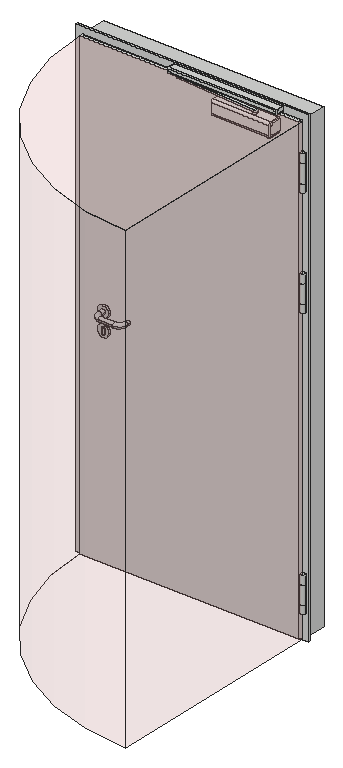
Revit family "ASSA ABLOY - ALPE Sp 120-1, single-leaf, angular frame", category Doors, host Wall, Revit 2021
Family settings
  Host = Wall
  OmniClass Number = 23.30.10.00
  OmniClass Title = Doors
  Always vertical = Yes
  Cut with Voids When Loaded = No
  Shared = No
  Room Calculation Point = No
Parameters (values of type "900 x 2100 (902 x 2101)")
  URL = "https://www.assaabloy.com/pl/pl"
  Type Comments = "Door leaf made of two pressed galvanised steel sheets 1,25mm thick. Filled with mineral wool glued to the sheets with polyurethane adhesive. Door with 3-sided thick rebate. "
  Symbol Radius = Door Leaf Width + 13.500 mm  # 1027.500 mm
  Rough Width Real = Width Round + Rough Width Conversion + Rough Width Adjustment  # 1018.000 mm
  Rough Width Conversion = 118.000 mm  # constant formula
  Rough Width Adjustment = 0.000 mm  # constant formula
  Rough Height Real = Height Round + Rough Height Conversion + Rough Height Adjustment  # 2159.000 mm
  Rough Height Conversion = 59.000 mm  # constant formula
  Rough Height Adjustment = 0.000 mm  # constant formula
  Opening Zone [instance] = yes
  Model = "Doorset_Steel fireproof door EI120_ASSA ABLOY Opening Solutions_Hardware 3D"
  Hinges Visibility = Height > 1200.000 mm  # yes
  Hinges Material = Default steel hinges
  Handle Height = if(Height < 1300.000 mm, Height - 280.000 mm, 1055.000 mm)  # 1055.000 mm
  HW Item 9 = "1x Planet FT: drop-down seal_Planet (option)"
  HW Item 8 = "1x 206253: Vercy door stopper, max 120 kg_ASSA ABLOY (option) "
  Frame Finish [instance] = ""
  Fire Rating = "EI120"  # constant formula
  Width Round = roundup((Width / 5.000 mm)) * 5.000 mm  # 900.000 mm
  Thickness = 76.000 mm  # constant formula
  Smoke Rating = "Sa, S200 (optional)"
  Rough Width = Width Round + 2.000 mm + Rough Width Conversion + Rough Width Adjustment  # 1020.000 mm
  Rough Height = Height Round + 1.000 mm + Rough Height Conversion + Rough Height Adjustment  # 2160.000 mm
  Readme = "The actual lintel height is consistent with the Rough Height parameter.\nThe final HW Set should be consistent with the function of the door and its  parameters.\nHardware mounted on door surface may affect the clear passage opening. For verification, please contact the specification department.\nFor the corner door frame installed in a steel structure and plasterboard walls, add 3 cm per each leaf to the width of the Rough Width opening."
  Provider = "ASSA ABLOY Opening Solutions"
  Product Group = "Single-Steel"
  Name = "Steel fireproof door EI120"
  Min Door Width = 540.000 mm
  Min Door Height = 585.000 mm
  Mechanical Strength = 4
  Max Door Width = 1200.000 mm
  Max Door Height = 2690.000 mm
  Manufacturer = "ASSA ABLOY"  # constant formula
  IfcExportType = "USERDEFINED"
  IfcExportAs = "IfcDoorType"
  Height Round = roundup((Height / 5.000 mm)) * 5.000 mm  # 2100.000 mm
  Hardware Set = "1.9PL"
  HW Item 7 = "1x Rosette set PZPZ_Standard ASSA ABLOY"
  HW Item 6 = "1x Handle set_Standard ASSA ABLOY"
  HW Item 5 = "1x Euro profile cylinder_Standard ASSA ABLOY"
  HW Item 4 = "1x N1050: One System mechanical mortice lockcase for fire doors_ASSA ABLOY"
  HW Item 3 = "1x A153: mechanical opening damper_ASSA ABLOY (option)"
  HW Item 2 = "1x G195: door closer guide rail_ASSA ABLOY"
  HW Item 1 = "1x DC700/ DC500: door closer, Cam-Motion®_ASSA ABLOY"
  Function = Interior
  Height = 2100.000 mm
  Wall Closure = By host
  Width = 900.000 mm
  Frame Type = "Welded steel corner frame, made of galvanised sheet 1,8mm thick."
  Frame Material = Default steel frame
  Family name = "1.9_DOORSET_ALPE Sp 120-1_SINGLE-LEAF_CORNER FRAME_ASSA ABLOY PL"
  Environmental Product Declaration (EPD) = "To be confirmed with Provider"  # constant formula
  Environmental Management System = "To be confirmed with Provider"  # constant formula
  Edition number = "1"
  Door Type = "ALPE Sp 120-1"
  Door Material = Default steel
  Door Leaf Width = Width Round + 114.000 mm + Rough Width Adjustment  # 1014.000 mm
  Door Finish Push Side [instance] = ""
  Door Finish Pull Side [instance] = ""
  Description = "ALPE Sp 120-1, door leaf made of two pressed galvanised steel sheets 1,25mm thick. Filled with mineral wool glued to the sheets with polyurethane adhesive. Door with 3-sided thick rebate. Stainless steel hinges with 3D regulation. Mechanical durability – class C5 according to PN-EN 16034:2014. Mechanical strength – class 4 according to PN-EN 1192:2001. Welded steel corner frame, made of galvanised sheet 1,8mm thick."
  Define Thermal Properties by = Schematic Type
  Date of publishing = ""
  Contact Provider = "https://www.assaabloy.com/pl/pl/solutions/topics/bim-specification/contact"
  Brand = "ASSA ABLOY Mercor Doors Sp. z o. o."  # constant formula
  Author = "www.archispace.pl"
  Analytic Construction = "<None>"
Types (6, lengths in mm): name | Symbol Radius | Rough Width Real | Rough Height Real | Hinges Visibility | Hinges Material | Handle Height | Width Round | Rough Width | Rough Height | Height Round | Height | Width | Frame Material | Door Leaf Width
  540 x 585 (542 x 586) | 667.500 | 658.000 | 644.000 | no | Default steel | 305.000 | 540.000 | 660.000 | 645.000 | 585.000 | 585.000 | 540.000 | Default steel | 654.000
  800 x 2100 (802 x 2101) | 927.500 | 918.000 | 2159.000 | yes | Default steel | 1055.000 | 800.000 | 920.000 | 2160.000 | 2100.000 | 2100.000 | 800.000 | Default steel | 914.000
  900 x 2100 (902 x 2101) | 1027.500 | 1018.000 | 2159.000 | yes | Default steel hinges | 1055.000 | 900.000 | 1020.000 | 2160.000 | 2100.000 | 2100.000 | 900.000 | Default steel frame | 1014.000
  1000 x 2100 (1002 x 2101) | 1127.500 | 1118.000 | 2159.000 | yes | Default steel | 1055.000 | 1000.000 | 1120.000 | 2160.000 | 2100.000 | 2100.000 | 1000.000 | Default steel | 1114.000
  1100 x 2100 (1102 x 2101) | 1227.500 | 1218.000 | 2159.000 | yes | Default steel | 1055.000 | 1100.000 | 1220.000 | 2160.000 | 2100.000 | 2100.000 | 1100.000 | Default steel | 1214.000
  1200 x 2690 (1202 x 2691) | 1327.500 | 1318.000 | 2749.000 | yes | Default steel | 1055.000 | 1200.000 | 1320.000 | 2750.000 | 2690.000 | 2690.000 | 1200.000 | Default steel | 1314.000
Reference planes
  plane 1: y = 0
  plane 2 "Center (Left/Right)": x = 0
  plane 3: z = 2160
  plane 4 "Exterior": y = 120
  plane 5 "Interior": y = -120
  plane 6: x = -509
  plane 7: x = 509
  plane 8: z = 2100
  plane 9: y = -57
  plane 10: y = -68
  plane 11: y = -5.5
  plane 12: y = -2
  plane 13: y = -129
  plane 14: x = -490
  plane 15: x = 492
  plane 16: z = 2142
  plane 17: z = 8
  plane 18: y = -138.75
  plane 19: x = 521.5
  plane 20: x = -510
  plane 21: x = 510
  plane 22: x = -450
  plane 23: x = 450
  plane 24: z = 2159
  plane 25: x = -393
  plane 26: z = 120
  plane 27: z = 157
  plane 28: z = 157.8
  plane 29: z = 242.2
  plane 30: z = 243
  plane 31: z = 280
  plane 32: z = 1370
  plane 33: z = 1407
  plane 34: z = 1407.8
  plane 35: z = 1492.2
  plane 36: z = 1493
  plane 37: z = 1530
  plane 38: z = 1870
  plane 39: z = 1907
  plane 40: z = 1907.8
  plane 41: z = 1992.2
  plane 42: z = 1993
  plane 43: z = 2030
  plane 44: z = 1055
Forms (mm)
  Sweep 1, solid, material "Default steel frame" <- "Frame Material"
    path origin (0, -120, 0) x (1, 0, 0) y (0, 0, 1)
      loop
        line (-509, 0) -> (-509, 2159) -> (509, 2159) -> (509, 0)
    profile origin (-509, -120, 1079.5) x (-1, 0, 0) y (0, -1, 0)
      loop
        line (30, 0) -> (30, 9) -> (-12, 9) -> (-12, -63) -> (-27, -63) -> (-27, -52) -> (-59, -52) -> (-59, -118) -> (-14, -118) -> (-14, -114.5) -> (0, -114.5) -> (0, 0) -> (30, 0)
  Sweep 2, solid, material "Default steel" <- "Door Material"
    path origin (-5000, -120, 0) x (1, 0, 0) y (0, 0, 1)
      loop
        line (4510, 8) -> (4510, 2142) -> (5492, 2142) -> (5492, 8)
    profile origin (1, -120, 2142) x (0, 0, 1) y (0, -1, 0)
      loop
        line (0, 11) -> (16, 11) -> (16, 26) -> (0, 26) -> (0, 11)
  Sweep 3, solid, material "Default steel" <- "Door Material"
    path origin (-5000, -120, 0) x (1, 0, 0) y (0, 0, 1)
      loop
        line (5000, 8) -> (5000, 2142)
    profile origin (0, -120, 1075) x (-1, 0, 0) y (0, -1, 0)
      loop
        line (490, -50) -> (490, 26) -> (-492, 26) -> (-492, -50) -> (490, -50)
  Sweep 4, solid, material "Default steel hinges" <- "Hinges Material", detail levels fine
    path origin (-465.5, -138.75, 1200) x (-1, 0, 0) y (0, 0, 1)
      loop
        line (-987, -1043) -> (-987, -1080)
    profile origin (521.5, -138.75, 138.5) x (0, 1, 0) y (-1, 0, 0)
      loop
        circle (0, 0) r 11
  Sweep 5, solid, material "Default steel hinges" <- "Hinges Material", detail levels fine
    path origin (-465.5, -138.75, 1200) x (-1, 0, 0) y (0, 0, 1)
      loop
        line (-987, -920) -> (-987, -957)
    profile origin (521.5, -138.75, 261.5) x (0, 1, 0) y (-1, 0, 0)
      loop
        circle (0, 0) r 11
  Sweep 6, solid, material "Default steel hinges" <- "Hinges Material", detail levels fine
    path origin (-465.5, -138.75, 1200) x (-1, 0, 0) y (0, 0, 1)
      loop
        line (-987, -957.8) -> (-987, -1042.2)
    profile origin (521.5, -138.75, 200) x (0, 1, 0) y (-1, 0, 0)
      loop
        circle (0, 0) r 11
  Sweep 7, solid, material "Default steel hinges" <- "Hinges Material", detail levels fine
    path origin (-465.5, -138.75, 1200) x (-1, 0, 0) y (0, 0, 1)
      loop
        line (-987, -1042.2) -> (-987, -1043)
    profile origin (521.5, -138.75, 157.4) x (0, 1, 0) y (-1, 0, 0)
      loop
        circle (0, 0) r 10.5
  Sweep 8, solid, material "Default steel hinges" <- "Hinges Material", detail levels fine
    path origin (-465.5, -138.75, 1200) x (-1, 0, 0) y (0, 0, 1)
      loop
        line (-987, -957) -> (-987, -957.8)
    profile origin (521.5, -138.75, 242.6) x (0, 1, 0) y (-1, 0, 0)
      loop
        circle (0, 0) r 10.5
  Sweep 9, solid, material "Default steel hinges" <- "Hinges Material", visible <- "Hinges Visibility", detail levels fine
    path origin (-465.5, -138.75, 1200) x (-1, 0, 0) y (0, 0, 1)
      loop
        line (-987, 207) -> (-987, 170)
    profile origin (521.5, -138.75, 1388.5) x (0, 1, 0) y (-1, 0, 0)
      loop
        circle (0, 0) r 11
  Sweep 10, solid, material "Default steel hinges" <- "Hinges Material", visible <- "Hinges Visibility", detail levels fine
    path origin (-465.5, -138.75, 1200) x (-1, 0, 0) y (0, 0, 1)
      loop
        line (-987, 330) -> (-987, 293)
    profile origin (521.5, -138.75, 1511.5) x (0, 1, 0) y (-1, 0, 0)
      loop
        circle (0, 0) r 11
  Sweep 11, solid, material "Default steel hinges" <- "Hinges Material", visible <- "Hinges Visibility", detail levels fine
    path origin (-465.5, -138.75, 1200) x (-1, 0, 0) y (0, 0, 1)
      loop
        line (-987, 292.2) -> (-987, 207.8)
    profile origin (521.5, -138.75, 1450) x (0, 1, 0) y (-1, 0, 0)
      loop
        circle (0, 0) r 11
  Sweep 12, solid, material "Default steel hinges" <- "Hinges Material", visible <- "Hinges Visibility", detail levels fine
    path origin (-465.5, -138.75, 1200) x (-1, 0, 0) y (0, 0, 1)
      loop
        line (-987, 207.8) -> (-987, 207)
    profile origin (521.5, -138.75, 1407.4) x (0, 1, 0) y (-1, 0, 0)
      loop
        circle (0, 0) r 10.5
  Sweep 13, solid, material "Default steel hinges" <- "Hinges Material", visible <- "Hinges Visibility", detail levels fine
    path origin (-465.5, -138.75, 1200) x (-1, 0, 0) y (0, 0, 1)
      loop
        line (-987, 293) -> (-987, 292.2)
    profile origin (521.5, -138.75, 1492.6) x (0, 1, 0) y (-1, 0, 0)
      loop
        circle (0, 0) r 10.5
  Sweep 14, solid, material "Default steel hinges" <- "Hinges Material", detail levels fine
    path origin (-465.5, -138.75, 1200) x (-1, 0, 0) y (0, 0, 1)
      loop
        line (-987, 707) -> (-987, 670)
    profile origin (521.5, -138.75, 1888.5) x (0, 1, 0) y (-1, 0, 0)
      loop
        circle (0, 0) r 11
  Sweep 15, solid, material "Default steel hinges" <- "Hinges Material", detail levels fine
    path origin (-465.5, -138.75, 1200) x (-1, 0, 0) y (0, 0, 1)
      loop
        line (-987, 830) -> (-987, 793)
    profile origin (521.5, -138.75, 2011.5) x (0, 1, 0) y (-1, 0, 0)
      loop
        circle (0, 0) r 11
  Sweep 16, solid, material "Default steel hinges" <- "Hinges Material", detail levels fine
    path origin (-465.5, -138.75, 1200) x (-1, 0, 0) y (0, 0, 1)
      loop
        line (-987, 792.2) -> (-987, 707.8)
    profile origin (521.5, -138.75, 1950) x (0, 1, 0) y (-1, 0, 0)
      loop
        circle (0, 0) r 11
  Sweep 17, solid, material "Default steel hinges" <- "Hinges Material", detail levels fine
    path origin (-465.5, -138.75, 1200) x (-1, 0, 0) y (0, 0, 1)
      loop
        line (-987, 707.8) -> (-987, 707)
    profile origin (521.5, -138.75, 1907.4) x (0, 1, 0) y (-1, 0, 0)
      loop
        circle (0, 0) r 10.5
  Sweep 18, solid, material "Default steel hinges" <- "Hinges Material", detail levels fine
    path origin (-465.5, -138.75, 1200) x (-1, 0, 0) y (0, 0, 1)
      loop
        line (-987, 793) -> (-987, 792.2)
    profile origin (521.5, -138.75, 1992.6) x (0, 1, 0) y (-1, 0, 0)
      loop
        circle (0, 0) r 10.5
  Sweep 19, solid, material "Opening zone", visible <- "Opening Zone"
    path origin (-5000, 0, 0) x (-1, 0, 0) y (0, 0, 1)
      loop
        line (-5000, 8) -> (-5000, 2158)
    profile origin (0, 0, 1083) x (1, 0, 0) y (0, 1, 0)
      loop
        line (521.5, -138.75) -> (-506, -138.75)
        arc (-506, -138.75) -> (-205.052, -865.302) -> (521.5, -1166.25) r 1027.5
        line (521.5, -1166.25) -> (521.5, -138.75)
Cuts and joins
  joined: Sweep 2, Sweep 3
Lines and regions (mm)
  Masking region 1, detail levels fine
    outline origin (-1177.682, -300, 2052) x (-1, 0, 0) y (0, -1, 0)
      loop
        line (-727.682, -232) -> (-727.682, -298) -> (-682.682, -298) -> (-682.682, -294.5) -> (-668.682, -294.5) -> (-668.682, -180) -> (-638.682, -180) -> (-638.682, -171) -> (-680.682, -171) -> (-680.682, -243) -> (-695.682, -243) -> (-695.682, -232) -> (-727.682, -232)
      loop
        line (-1627.682, -232) -> (-1659.682, -232) -> (-1659.682, -243) -> (-1674.682, -243) -> (-1674.682, -171) -> (-1716.682, -171) -> (-1716.682, -180) -> (-1686.682, -180) -> (-1686.682, -294.5) -> (-1672.682, -294.5) -> (-1672.682, -298) -> (-1627.682, -298) -> (-1627.682, -232)
  Masking region 2, detail levels medium
    outline origin (-1132.682, -300, 2052) x (-1, 0, 0) y (0, -1, 0)
      loop
        line (-623.682, -298) -> (-623.682, -180) -> (-593.682, -180) -> (-593.682, -171) -> (-682.682, -171) -> (-682.682, -298) -> (-623.682, -298)
      loop
        line (-1641.682, -298) -> (-1582.682, -298) -> (-1582.682, -171) -> (-1671.682, -171) -> (-1671.682, -180) -> (-1641.682, -180) -> (-1641.682, -298)
  Masking region 3, detail levels fine
    outline origin (-1132.682, -300, 2052) x (-1, 0, 0) y (0, -1, 0)
      loop
        circle (-1654.182, -161.25) r 11
  Opening 1
    outline origin (-5000, -120, 0) x (1, 0, 0) y (0, 0, 1)
      loop
        line (4490, 2160) -> (4490, 0) -> (5510, 0) -> (5510, 2160) -> (4490, 2160)
  symbolic lines, style "Elevation Swing"
    curve 1: line (-450, -120, 1080) -> (450, -120, 2100)
    curve 2: line (-450, -120, 1080) -> (450, -120, 8)
Text (mm)
  text "Exterior" at (-1376.75, 1099.543, 0), in view "Ref. Level"
  text "Exterior" at (0, 1615.38, 3698.081), in view "Left"
  text "Exterior" at (0, 1036.032, 3874.932), in view "Right"
Dimensions and locks
  "Rough Height": plane 3 to host wall
  equal spacing: host wall, curve 2, plane 3
  host wall to plane 3 = 2160.000 mm
  locked: plane 4 "Exterior" to host wall
  locked: plane 5 "Interior" to host wall
  equal spacing: plane 6, plane 2 "Center (Left/Right)", plane 7
  "Rough Width Real": plane 6 to plane 7
  "Height": plane 8 to level
  locked: plane 13 to plane 5 "Interior" at 9
  locked: plane 5 "Interior" to plane 10 at 52
  locked: plane 9 to plane 10 at 11
  locked: plane 11 to plane 9 at 51.5
  locked: plane 12 to plane 11 at 3.5
  locked: plane 7 to Masking region 2 sketch curve at 30
  locked: Masking region 2 sketch curve to plane 7 at 59
  locked: plane 15 to plane 7 at 17
  locked: plane 17 to level at 8
  locked: plane 18 to plane 5 "Interior" at 18.75
  locked: plane 7 to plane 19 at 12.5
  locked: plane 6 to Masking region 2 sketch curve at 59
  locked: Masking region 2 sketch curve to plane 6 at 30
  equal spacing: plane 21, plane 2 "Center (Left/Right)", plane 20
  "Rough Width": plane 21 to plane 20
  locked: plane 6 to plane 14 at 19
  locked: plane 6 to plane 22 at 59
  locked: plane 23 to plane 7 at 59
  "Rough Height Real": plane 24 to level
  locked: plane 24 to plane 16 at 17
  plane 26 to level = 120.000 mm
  locked: nested 4 to plane 19 at 100
  locked: plane 14 to plane 25 at 97
  locked: Sweep 1 to nested 4 at 5
  plane 24 to plane 43 to plane 42 to plane 41 to plane 40 to plane 39 to plane 38 to plane 37 to plane 36 to plane 35 to plane 34 to plane 33 to plane 32 = 129.000 mm locked, 37.000 mm locked, 0.800 mm locked, 84.400 mm locked, 0.800 mm locked, 37.000 mm locked, 340.000 mm locked, 37.000 mm locked, 0.800 mm locked, 84.400 mm locked, 0.800 mm locked, 37.000 mm locked
  plane 25 to plane 14 = 97.000 mm
  cut or joined group of Sweep 2, Sweep 3 to plane 25 = 113.000 mm
  locked: Sweep 3 sketch curve to Sweep 3 sketch curve at 76
  locked: plane 18 to Sweep 3 sketch curve at 7.25
  locked: Sweep 2 sketch curve to Sweep 2 sketch curve at 15
  locked: plane 18 to Sweep 2 sketch curve at 7.25
  "Handle Height": plane 44 to level
  locked: plane 44 to nested 3 at 80
  "Symbol Radius": radius of Sweep 19 sketch curve
  aligned and locked: plane 1 to host wall
  aligned and locked: level to Sweep 1 sketch curve  (x2)
  aligned and locked: Sweep 1 sketch curve to plane 6
  aligned and locked: plane 7 to Sweep 1 sketch curve
  aligned and locked: plane 2 "Center (Left/Right)" to Sweep 3 sketch curve
  aligned and locked: nested 1 to plane 2 "Center (Left/Right)"
  aligned and locked: plane 5 "Interior" to nested 1
  aligned and locked: Masking region 2 sketch curve to plane 6
  aligned and locked: plane 5 "Interior" to Masking region 2 sketch curve
  aligned and locked: Masking region 2 sketch curve to plane 7
  aligned and locked: Masking region 2 sketch curve to plane 5 "Interior"
  aligned and locked: plane 10 to Masking region 1 sketch curve
  aligned and locked: plane 9 to Masking region 1 sketch curve
  aligned and locked: plane 11 to Masking region 1 sketch curve
  aligned and locked: plane 12 to Masking region 1 sketch curve
  aligned and locked: plane 13 to Masking region 1 sketch curve
  aligned and locked: Masking region 1 sketch curve to plane 13
  aligned and locked: Masking region 1 sketch curve to plane 10
  aligned and locked: Masking region 1 sketch curve to plane 9
  aligned and locked: Masking region 1 sketch curve to plane 11
  aligned and locked: Masking region 1 sketch curve to plane 12
  aligned and locked: Sweep 1 sketch curve to plane 13
  aligned and locked: Sweep 1 sketch curve to plane 10
  aligned and locked: Sweep 1 sketch curve to plane 9
  aligned and locked: plane 11 to Sweep 1 sketch curve
  aligned and locked: plane 12 to Sweep 1 sketch curve
  aligned and locked: plane 13 to Masking region 2 sketch curve
  aligned and locked: Masking region 2 sketch curve to plane 12
  aligned and locked: Masking region 2 sketch curve to plane 13
  aligned and locked: plane 12 to Masking region 2 sketch curve
  aligned and locked: plane 14 to Sweep 2 sketch curve
  aligned and locked: Sweep 2 sketch curve to plane 16
  aligned and locked: plane 15 to Sweep 2 sketch curve
  aligned and locked: plane 16 to Sweep 3 sketch curve
  aligned and locked: plane 15 to Sweep 3 sketch curve
  aligned and locked: plane 14 to Sweep 3 sketch curve
  aligned and locked: plane 18 to Masking region 3 sketch curve
  aligned and locked: plane 19 to Masking region 3 sketch curve
  aligned and locked: level to Opening 1 sketch curve
  aligned and locked: plane 3 to Opening 1 sketch curve
  aligned and locked: plane 20 to Opening 1 sketch curve
  aligned and locked: Opening 1 sketch curve to plane 21
  aligned and locked: Sweep 1 sketch curve to plane 24
  aligned and locked: plane 17 to Sweep 2 sketch curve  (x2)
  aligned and locked: plane 17 to Sweep 3 sketch curve
  aligned and locked: plane 23 to curve 2
  aligned and locked: plane 17 to curve 2
  aligned and locked: plane 23 to curve 1
  aligned and locked: plane 8 to curve 1
  aligned and locked: plane 22 to curve 1
  aligned and locked: plane 25 to nested 2
  aligned and locked: plane 26 to Sweep 4 sketch curve
  aligned and locked: plane 27 to Sweep 4 sketch curve
  aligned and locked: plane 28 to Sweep 7 sketch curve
  aligned and locked: plane 27 to Sweep 7 sketch curve
  aligned and locked: plane 28 to Sweep 6 sketch curve
  aligned and locked: plane 29 to Sweep 6 sketch curve
  aligned and locked: plane 29 to Sweep 8 sketch curve
  aligned and locked: plane 30 to Sweep 8 sketch curve
  aligned and locked: plane 30 to Sweep 5 sketch curve
  aligned and locked: plane 31 to Sweep 5 sketch curve
  aligned and locked: plane 32 to Sweep 9 sketch curve
  aligned and locked: plane 33 to Sweep 9 sketch curve
  aligned and locked: plane 34 to Sweep 12 sketch curve
  aligned and locked: plane 33 to Sweep 12 sketch curve
  aligned and locked: plane 34 to Sweep 11 sketch curve
  aligned and locked: plane 35 to Sweep 11 sketch curve
  aligned and locked: plane 35 to Sweep 13 sketch curve
  aligned and locked: plane 36 to Sweep 13 sketch curve
  aligned and locked: plane 36 to Sweep 10 sketch curve
  aligned and locked: plane 37 to Sweep 10 sketch curve
  aligned and locked: plane 38 to Sweep 14 sketch curve
  aligned and locked: plane 39 to Sweep 14 sketch curve
  aligned and locked: plane 40 to Sweep 17 sketch curve
  aligned and locked: plane 39 to Sweep 17 sketch curve
  aligned and locked: plane 40 to Sweep 16 sketch curve
  aligned and locked: plane 41 to Sweep 16 sketch curve
  aligned and locked: plane 41 to Sweep 18 sketch curve
  aligned and locked: plane 42 to Sweep 18 sketch curve
  aligned and locked: plane 42 to Sweep 15 sketch curve
  aligned and locked: plane 43 to Sweep 15 sketch curve
  aligned and locked: Sweep 19 to plane 19
  aligned and locked: plane 18 to Sweep 19
  aligned and locked: plane 18 to Sweep 19 sketch curve
  aligned and locked: Sweep 19 sketch curve to plane 19
  aligned and locked: nested 4 to cut or joined group of Sweep 2, Sweep 3
  aligned and locked: nested 2 to cut or joined group of Sweep 2, Sweep 3
  aligned and locked: nested 3 to cut or joined group of Sweep 2, Sweep 3
  aligned and locked: cut or joined group of Sweep 2, Sweep 3 to nested 4
  aligned and locked: plane 44 to nested 2
  aligned and locked: plane 25 to nested 3
  aligned and locked: plane 18 to Masking region 3
  aligned and locked: plane 18 to Sweep 5
  aligned and locked: plane 18 to Sweep 8
  aligned and locked: plane 18 to Sweep 6
  aligned and locked: plane 18 to Sweep 7
  aligned and locked: plane 18 to Sweep 4
  aligned and locked: plane 18 to Sweep 15 sketch curve  (x2)
  aligned and locked: plane 19 to Sweep 15 sketch curve
  aligned and locked: plane 19 to Sweep 16 sketch curve
  aligned and locked: plane 18 to Sweep 16 sketch curve  (x2)
  aligned and locked: plane 19 to Sweep 14 sketch curve
  aligned and locked: plane 18 to Sweep 14 sketch curve  (x2)
  aligned and locked: plane 18 to Sweep 10 sketch curve  (x2)
  aligned and locked: plane 19 to Sweep 10 sketch curve
  aligned and locked: plane 19 to Sweep 11 sketch curve
  aligned and locked: plane 18 to Sweep 11 sketch curve  (x2)
  aligned and locked: plane 18 to Sweep 9 sketch curve
  aligned and locked: plane 19 to Sweep 9 sketch curve
  aligned and locked: plane 19 to Sweep 5 sketch curve
  aligned and locked: plane 18 to Sweep 5 sketch curve
  aligned and locked: plane 19 to Sweep 6 sketch curve
  aligned and locked: plane 18 to Sweep 6 sketch curve
  aligned and locked: plane 18 to Sweep 4 sketch curve
  aligned and locked: plane 19 to Sweep 4 sketch curve
  aligned and locked: plane 19 to Sweep 18 sketch curve
  aligned and locked: plane 18 to Sweep 18 sketch curve
  aligned and locked: plane 19 to Sweep 17 sketch curve
  aligned and locked: plane 18 to Sweep 17 sketch curve
  aligned and locked: plane 19 to Sweep 13 sketch curve
  aligned and locked: plane 18 to Sweep 13 sketch curve
  aligned and locked: plane 18 to Sweep 12 sketch curve
  aligned and locked: plane 19 to Sweep 12 sketch curve
  aligned and locked: plane 19 to Sweep 8 sketch curve
  aligned and locked: plane 18 to Sweep 8 sketch curve
  aligned and locked: plane 18 to Sweep 7 sketch curve
  aligned and locked: plane 19 to Sweep 7 sketch curve
Automatic sketch dimensions
  plane 5 "Interior" to Sweep 1 sketch curve = 0.000 mm
  Sweep 1 sketch curve to profile plane = 0.000 mm
  profile plane to Sweep 1 sketch curve = 12.000 mm
  profile plane to Sweep 1 sketch curve = 14.000 mm
  Sweep 1 sketch curve to Sweep 1 sketch curve = 15.000 mm
  Sweep 1 sketch curve to Sweep 1 sketch curve = 32.000 mm
  Sweep 1 sketch curve to profile plane = 30.000 mm
  profile plane to Sweep 2 sketch curve = 0.000 mm
  Sweep 2 sketch curve to profile plane = 16.000 mm
  host wall to Masking region 1 sketch curve = 0.000 mm  (x2)
  Masking region 1 sketch curve to plane 7 = 0.000 mm
  Masking region 1 sketch curve to plane 23 = 0.000 mm
  Masking region 1 sketch curve to plane 22 = 0.000 mm
  Masking region 1 sketch curve to plane 6 = 0.000 mm
  plane 19 to Masking region 1 sketch curve = 17.500 mm
  Masking region 1 sketch curve to plane 15 = 5.000 mm
  Masking region 1 sketch curve to plane 15 = 3.000 mm
  plane 15 to Masking region 1 sketch curve = 10.000 mm
  plane 14 to Masking region 1 sketch curve = 8.000 mm
  Masking region 1 sketch curve to plane 14 = 5.000 mm
  Masking region 1 sketch curve to plane 14 = 7.000 mm
  Masking region 1 sketch curve to plane 20 = 29.000 mm
  Sweep 4 sketch curve to plane 19 = 0.000 mm
  profile plane to Sweep 4 sketch curve = 11.000 mm
  Sweep 5 sketch curve to plane 19 = 0.000 mm
  profile plane to Sweep 5 sketch curve = 11.000 mm
  Sweep 6 sketch curve to plane 19 = 0.000 mm
  profile plane to Sweep 6 sketch curve = 11.000 mm
  Sweep 7 sketch curve to plane 19 = 0.000 mm
  profile plane to Sweep 7 sketch curve = 10.500 mm
  Sweep 8 sketch curve to plane 19 = 0.000 mm
  profile plane to Sweep 8 sketch curve = 10.500 mm
  Sweep 9 sketch curve to plane 19 = 0.000 mm
  profile plane to Sweep 9 sketch curve = 11.000 mm
  Sweep 10 sketch curve to plane 19 = 0.000 mm
  profile plane to Sweep 10 sketch curve = 11.000 mm
  Sweep 11 sketch curve to plane 19 = 0.000 mm
  profile plane to Sweep 11 sketch curve = 11.000 mm
  Sweep 12 sketch curve to plane 19 = 0.000 mm
  profile plane to Sweep 12 sketch curve = 10.500 mm
  Sweep 13 sketch curve to plane 19 = 0.000 mm
  profile plane to Sweep 13 sketch curve = 10.500 mm
  Sweep 14 sketch curve to plane 19 = 0.000 mm
  profile plane to Sweep 14 sketch curve = 11.000 mm
  Sweep 15 sketch curve to plane 19 = 0.000 mm
  profile plane to Sweep 15 sketch curve = 11.000 mm
  Sweep 16 sketch curve to plane 19 = 0.000 mm
  profile plane to Sweep 16 sketch curve = 11.000 mm
  Sweep 17 sketch curve to plane 19 = 0.000 mm
  profile plane to Sweep 17 sketch curve = 10.500 mm
  Sweep 18 sketch curve to plane 19 = 0.000 mm
  profile plane to Sweep 18 sketch curve = 10.500 mm
  Sweep 19 sketch curve to plane 2 "Center (Left/Right)" = 0.000 mm
  Sweep 19 sketch curve to plane 17 = 0.000 mm
  Sweep 19 sketch curve to plane 24 = 1.000 mm
  radius of Masking region 3 sketch curve = 11.000 mm
Nested families
  nested 1: "Detail_Door symbol" at (0, -120, 2052), type "Detail_Door symbol"
    with Symbol Radius 1027.500 mm, Rough Width 1018.000 mm, Door Leaf Width 1014.000 mm
  nested 2: "TL4106SS U-shape handle set on round rosette, class 4 (EN1906), stainless steel_ASSA ABLOY" at (-393, -146, 1055) x (-1, 0, 0) z (0, 0, 1), type "TL4106SS U-shape handle set on round rosette, class 4 (EN1906), stainless steel_ASSA ABLOY", detail levels fine
    with Thickness 76.000 mm
  nested 3: "TL0151BS round rosette PZPZ, stainless steel_ASSA ABLOY" at (-393, -146, 975) x (-1, 0, 0) z (0, 0, 1), type "TL0151BS round rosette PZPZ, stainless steel_ASSA ABLOY", detail levels fine
    with Thickness 76.000 mm
  nested 4: "DC700 DC500 Door closer, Cam-Motion_ASSA ABLOY" at (282.7, -146, 2112.8) x (-1, 0, 0) z (0, 0, 1), type "DC700 DC500 Door closer, Cam-Motion_ASSA ABLOY", detail levels fine
    with Thickness 79.000 mm, Door Closer Gap Thickness 17.000 mm
Definition of nested family "TL4106SS U-shape handle set on round rosette, class 4 (EN1906), stainless steel_ASSA ABLOY"
  Parameters (values of type "TL4106SS U-shape handle set on round rosette, class 4 (EN1906), stainless steel_ASSA ABLOY")
    Thickness = 60.000 mm
    Default Elevation = 0.000 mm
  Reference planes
    plane 1 "Center (Front/Back)": y = 0
    plane 2: z = 0
    plane 3 "Center (Left/Right)": x = 0
    plane 4: z = 0
    plane 5: y = 60
    plane 6: y = -8
    plane 7: y = 68
    plane 8: x = -121
    plane 9: y = -57.5
    plane 10: y = 117.5
    plane 11: y = -17
    plane 12: y = 77
  Forms (mm)
    Sweep 1, solid
      path origin (0, 0, 0) x (1, 0, 0) y (0, 1, 0)
        loop
          line (0, 0) -> (0, -8)
      profile origin (0, -4, 0) x (1, 0, 0) y (0, 0, 1)
        loop
          circle (0, 0) r 26.5
    Sweep 2, solid
      path origin (0, 70, 0) x (1, 0, 0) y (0, 1, 0)
        loop
          line (0, -10) -> (0, -2)
      profile origin (0, 64, 0) x (-1, 0, 0) y (0, 0, 1)
        loop
          circle (0, 0) r 26.5
    Sweep 3, solid
      path origin (0, 0, 0) x (1, 0, 0) y (0, 1, 0)
        loop
          line (0, -8) -> (0, -30.5)
          arc (0, -30.5) -> (-7.908, -49.592) -> (-27, -57.5) r 27
          line (-27, -57.5) -> (-94, -57.5)
          arc (-94, -57.5) -> (-113.092, -49.592) -> (-121, -30.5) r 27
          line (-121, -30.5) -> (-121, -17)
      profile origin (0, -19.25, 0) x (1, 0, 0) y (0, 0, 1)
        loop
          circle (0, 0) r 10
    Sweep 4, solid
      path origin (0, 86.5, 0) x (1, 0, 0) y (0, 1, 0)
        loop
          line (0, -18.5) -> (0, 4)
          arc (0, 4) -> (-7.908, 23.092) -> (-27, 31) r 27
          line (-27, 31) -> (-94, 31)
          arc (-94, 31) -> (-113.092, 23.092) -> (-121, 4) r 27
          line (-121, 4) -> (-121, -9.5)
      profile origin (0, 79.25, 0) x (-1, 0, 0) y (0, 0, 1)
        loop
          circle (0, 0) r 10
  Cuts and joins
    joined: Sweep 1, Sweep 3
  Dimensions and locks
    locked: plane 7 to plane 5 at 8
    locked: plane 6 to plane 1 "Center (Front/Back)" at 8
    locked: plane 9 to plane 1 "Center (Front/Back)" at 57.5
    plane 10 to plane 5 = 57.500 mm
    locked: plane 8 to plane 3 "Center (Left/Right)" at 121
    "Thickness": plane 1 "Center (Front/Back)" to plane 5
    locked: plane 11 to plane 9 at 40.5
    locked: plane 10 to plane 12 at 40.5
    aligned and locked: level to plane 2
    aligned and locked: plane 6 to Sweep 3 sketch curve
    aligned and locked: Sweep 3 sketch curve to plane 3 "Center (Left/Right)"
    aligned and locked: plane 9 to Sweep 3 sketch curve
    aligned and locked: plane 8 to Sweep 3 sketch curve
    aligned and locked: plane 11 to Sweep 3 sketch curve
    aligned and locked: Sweep 4 sketch curve to plane 8
    aligned and locked: plane 10 to Sweep 4 sketch curve
    aligned and locked: plane 3 "Center (Left/Right)" to Sweep 4 sketch curve
    aligned and locked: plane 7 to Sweep 4 sketch curve
    aligned and locked: plane 12 to Sweep 4 sketch curve
  Automatic sketch dimensions
    Sweep 1 sketch curve to plane 3 "Center (Left/Right)" = 0.000 mm
    Sweep 1 sketch curve to plane 6 = 0.000 mm
    plane 1 "Center (Front/Back)" to Sweep 1 sketch curve = 0.000 mm
    Sweep 1 sketch curve to level = 0.000 mm
    profile plane to Sweep 1 sketch curve = 0.000 mm
    Sweep 2 sketch curve to plane 3 "Center (Left/Right)" = 0.000 mm
    Sweep 2 sketch curve to plane 5 = 0.000 mm
    Sweep 2 sketch curve to plane 7 = 0.000 mm
    Sweep 2 sketch curve to level = 0.000 mm
    Sweep 2 sketch curve to profile plane = 0.000 mm
    plane 8 to Sweep 3 sketch curve = 27.000 mm
    Sweep 3 sketch curve to plane 11 = 13.500 mm
    Sweep 3 sketch curve to level = 0.000 mm
    profile plane to Sweep 3 sketch curve = 0.000 mm
    plane 8 to Sweep 4 sketch curve = 27.000 mm
    Sweep 4 sketch curve to plane 10 = 27.000 mm
    Sweep 4 sketch curve to level = 0.000 mm
    Sweep 4 sketch curve to profile plane = 0.000 mm
    radius of Sweep 1 sketch curve = 26.500 mm
    radius of Sweep 2 sketch curve = 26.500 mm
    radius of Sweep 3 sketch curve = 10.000 mm
    radius of Sweep 4 sketch curve = 10.000 mm
Definition of nested family "TL0151BS round rosette PZPZ, stainless steel_ASSA ABLOY"
  Parameters (values of type "TL0151BS round rosette PZPZ, stainless steel_ASSA ABLOY")
    Thickness = 60.000 mm
    Default Elevation = 0.000 mm
  Reference planes
    plane 1 "Center (Front/Back)": y = 0
    plane 2: z = 0
    plane 3 "Center (Left/Right)": x = 0
    plane 4: z = 0
    plane 5: y = 60
    plane 6: y = -6.5
    plane 7: y = 66.5
    plane 8: x = -133
  Forms (mm)
    Sweep 1, solid
      path origin (0, 0, 0) x (1, 0, 0) y (0, 1, 0)
        loop
          line (0, 0) -> (0, -6.5)
      profile origin (0, -3.25, 0) x (1, 0, 0) y (0, 0, 1)
        loop
          circle (0, 0) r 26.5
    Sweep 2, solid
      path origin (0, 70, 0) x (1, 0, 0) y (0, 1, 0)
        loop
          line (0, -10) -> (0, -3.5)
      profile origin (0, 63.25, 0) x (-1, 0, 0) y (0, 0, 1)
        loop
          circle (0, 0) r 26.5
    Sweep 3, void
      path origin (0, 0, 0) x (1, 0, 0) y (0, 1, 0)
        loop
          line (0, -6.5) -> (0, 66.5)
      profile origin (0, 30, 0) x (-1, 0, 0) y (0, 0, 1)
        loop
          arc (5.25, 1) -> (0, 16.75) -> (-5.25, 1) r 8.75
          line (-5.25, 1) -> (-5.25, -11.5)
          arc (-5.25, -11.5) -> (0, -16.75) -> (5.25, -11.5) r 5.25
          line (5.25, -11.5) -> (5.25, 1)
        loop
          arc (-4.75, -11.5) -> (0, -16.25) -> (4.75, -11.5) r 4.75
          line (4.75, -11.5) -> (4.75, 1.255)
          arc (4.75, 1.255) -> (0, 16.25) -> (-4.75, 1.255) r 8.25
          line (-4.75, 1.255) -> (-4.75, -11.5)
  Cuts and joins
    Sweep 3 cuts Sweep 1
    Sweep 3 cuts Sweep 2
  Dimensions and locks
    locked: plane 7 to plane 5 at 6.5
    locked: plane 6 to plane 1 "Center (Front/Back)" at 6.5
    "Thickness": plane 1 "Center (Front/Back)" to plane 5
    aligned and locked: level to plane 2
  Automatic sketch dimensions
    Sweep 1 sketch curve to plane 3 "Center (Left/Right)" = 0.000 mm
    Sweep 1 sketch curve to plane 6 = 0.000 mm
    plane 1 "Center (Front/Back)" to Sweep 1 sketch curve = 0.000 mm
    Sweep 2 sketch curve to plane 3 "Center (Left/Right)" = 0.000 mm
    Sweep 2 sketch curve to plane 5 = 0.000 mm
    Sweep 2 sketch curve to plane 7 = 0.000 mm
    Sweep 1 sketch curve to level = 0.000 mm
    profile plane to Sweep 1 sketch curve = 0.000 mm
    Sweep 2 sketch curve to level = 0.000 mm
    Sweep 2 sketch curve to profile plane = 0.000 mm
    Sweep 3 sketch curve to plane 3 "Center (Left/Right)" = 0.000 mm
    Sweep 3 sketch curve to plane 6 = 0.000 mm
    Sweep 3 sketch curve to plane 7 = 0.000 mm
    Sweep 3 sketch curve to Sweep 3 sketch curve = 0.000 mm  (x4)
    Sweep 3 sketch curve to profile plane = 0.000 mm  (x2)
    level to Sweep 3 sketch curve = 1.255 mm
    profile plane to Sweep 3 sketch curve = 4.750 mm
    Sweep 3 sketch curve to Sweep 3 sketch curve = 0.500 mm
    Sweep 3 sketch curve to Sweep 3 sketch curve = 0.255 mm
    Sweep 3 sketch curve to level = 11.500 mm
    level to Sweep 3 sketch curve = 8.000 mm
    radius of Sweep 1 sketch curve = 26.500 mm
    radius of Sweep 2 sketch curve = 26.500 mm
Definition of nested family "DC700 DC500 Door closer, Cam-Motion_ASSA ABLOY"
  Parameters (values of type "DC700 DC500 Door closer, Cam-Motion_ASSA ABLOY")
    Thickness = 16.800 mm
    Door Closer Gap Thickness = 50.000 mm
    Default Elevation = 0.000 mm
  Reference planes
    plane 1 "Center (Front/Back)": y = 0
    plane 2: z = 0
    plane 3 "Center (Left/Right)": x = 0
    plane 4: z = 0
    plane 5: x = -134
    plane 6: x = 134
    plane 7: x = -136
    plane 8: x = 136
    plane 9: x = -138
    plane 10: x = 366
    plane 11: z = 48.2
    plane 12: z = 71.2
    plane 13: z = 32
    plane 14: x = -138.8
    plane 15: x = 136.8
    plane 16: x = -46
    plane 17: z = 40.5
    plane 18: x = 321.5
    plane 19: z = 45.5
    plane 20: y = 23.2
    plane 21: y = 50
    plane 22: y = -30
  Forms (mm)
    Sweep 1, solid
      path origin (0, 0, 0) x (1, 0, 0) y (0, 1, 0)
        loop
          line (-134, 0) -> (134, 0)
      profile origin (0, 0, 0) x (0, 1, 0) y (0, 0, 1)
        loop
          line (0, 32) -> (-48, 32)
          arc (-48, 32) -> (-55.071, 29.071) -> (-58, 22) r 10
          line (-58, 22) -> (-58, -22)
          arc (-58, -22) -> (-55.071, -29.071) -> (-48, -32) r 10
          line (-48, -32) -> (0, -32) -> (0, 32)
    SweptBlend 2, solid
      path origin (0, 0, 0) x (1, 0, 0) y (0, 1, 0)
        loop
          line (-134, 0) -> (-136, 0)
      profile origin (-134, 0, 0) x (0, -1, 0) y (0, 0, 1)
        loop
          line (0, 30) -> (0, -30) -> (46.25, -30)
          arc (46.25, -30) -> (52.879, -27.254) -> (55.625, -20.625) r 9.375
          line (55.625, -20.625) -> (55.625, 20.625)
          arc (55.625, 20.625) -> (52.879, 27.254) -> (46.25, 30) r 9.375
          line (46.25, 30) -> (0, 30)
      end profile origin (-136, 0, 0) x (0, -1, 0) y (0, 0, 1)
        loop
          line (0, 23.25) -> (0, -23.25) -> (41.469, -23.25)
          arc (41.469, -23.25) -> (46.606, -21.122) -> (48.734, -15.984) r 7.266
          line (48.734, -15.984) -> (48.734, 15.984)
          arc (48.734, 15.984) -> (46.606, 21.122) -> (41.469, 23.25) r 7.266
          line (41.469, 23.25) -> (0, 23.25)
    SweptBlend 3, solid
      path origin (0, 0, 0) x (-1, 0, 0) y (0, -1, 0)
        loop
          line (-134, 0) -> (-136, 0)
      profile origin (134, 0, 0) x (0, 1, 0) y (0, 0, 1)
        loop
          line (0, 30) -> (-46.25, 30)
          arc (-46.25, 30) -> (-52.879, 27.254) -> (-55.625, 20.625) r 9.375
          line (-55.625, 20.625) -> (-55.625, -20.625)
          arc (-55.625, -20.625) -> (-52.879, -27.254) -> (-46.25, -30) r 9.375
          line (-46.25, -30) -> (0, -30) -> (0, 30)
      end profile origin (136, 0, 0) x (0, 1, 0) y (0, 0, 1)
        loop
          line (0, 23.25) -> (-41.469, 23.25)
          arc (-41.469, 23.25) -> (-46.606, 21.122) -> (-48.734, 15.984) r 7.266
          line (-48.734, 15.984) -> (-48.734, -15.984)
          arc (-48.734, -15.984) -> (-46.606, -21.122) -> (-41.469, -23.25) r 7.266
          line (-41.469, -23.25) -> (0, -23.25) -> (0, 23.25)
    Sweep 4, solid
      path origin (0, 0, 0) x (1, 0, 0) y (0, 0, 1)
        loop
          line (-46, 32) -> (-46, 40.5)
      profile origin (-46, 0, 36.25) x (-1, 0, 0) y (0, -1, 0)
        loop
          circle (0, 30) r 9
    Extrusion 5, solid
      sketch origin (0, -0.8, 0) x (1, 0, 0) y (0, 1, 0)
        loop
          circle (321.5, 24) r 9
      from 45.5 to 48.2
    Sweep 6, solid
      path origin (0, 0, 0) x (1, 0, 0) y (0, 1, 0)
        loop
          line (-138, 50) -> (366, 50)
      profile origin (114, 50, 0) x (0, 1, 0) y (0, 0, 1)
        loop
          line (0, 48.2) -> (0, 71.2) -> (-35, 71.2)
          arc (-35, 71.2) -> (-37.828, 70.028) -> (-39, 67.2) r 4
          line (-39, 67.2) -> (-39, 52.2)
          arc (-39, 52.2) -> (-37.828, 49.372) -> (-35, 48.2) r 4
          line (-35, 48.2) -> (0, 48.2)
    SweptBlend 7, solid
      path origin (0, 0, 0) x (1, 0, 0) y (0, 1, 0)
        loop
          line (-138.8, 50) -> (-138, 50)
      profile origin (-138.8, 50, 0) x (0, 1, 0) y (0, 0, 1)
        loop
          line (0, 51.5) -> (0, 67.9) -> (-31.7, 67.9)
          arc (-31.7, 67.9) -> (-32.195, 67.695) -> (-32.4, 67.2) r 0.7
          line (-32.4, 67.2) -> (-32.4, 52.2)
          arc (-32.4, 52.2) -> (-32.195, 51.705) -> (-31.7, 51.5) r 0.7
          line (-31.7, 51.5) -> (0, 51.5)
      end profile origin (-138, 50, 0) x (0, 1, 0) y (0, 0, 1)
        loop
          arc (-33.9, 70.1) -> (-36.728, 68.928) -> (-37.9, 66.1) r 4
          line (-37.9, 66.1) -> (-37.9, 53.3)
          arc (-37.9, 53.3) -> (-36.728, 50.472) -> (-33.9, 49.3) r 4
          line (-33.9, 49.3) -> (0, 49.3) -> (0, 70.1) -> (-33.9, 70.1)
    SweptBlend 8, solid
      path origin (0, 0, 0) x (-1, 0, 0) y (0, -1, 0)
        loop
          line (-366.8, -50) -> (-366, -50)
      profile origin (366.8, 50, 0) x (0, -1, 0) y (0, 0, 1)
        loop
          line (0, 51.5) -> (31.7, 51.5)
          arc (31.7, 51.5) -> (32.195, 51.705) -> (32.4, 52.2) r 0.7
          line (32.4, 52.2) -> (32.4, 67.2)
          arc (32.4, 67.2) -> (32.195, 67.695) -> (31.7, 67.9) r 0.7
          line (31.7, 67.9) -> (0, 67.9) -> (0, 51.5)
      end profile origin (366, 50, 0) x (0, -1, 0) y (0, 0, 1)
        loop
          line (33.9, 70.1) -> (0, 70.1) -> (0, 49.3) -> (33.9, 49.3)
          arc (33.9, 49.3) -> (36.728, 50.472) -> (37.9, 53.3) r 4
          line (37.9, 53.3) -> (37.9, 66.1)
          arc (37.9, 66.1) -> (36.728, 68.928) -> (33.9, 70.1) r 4
    Sweep 9, solid
      path origin (-57, -30, 1200) x (1, 0, 0) y (0, 0, 1)
        loop
          line (11, -1154.5) -> (11, -1159.5)
      profile origin (-46, -30, 43) x (0, -1, 0) y (1, 0, 0)
        loop
          arc (-8.907, -1.289) -> (1.289, -8.907) -> (8.907, 1.289) r 9
          line (8.907, 1.289) -> (-44.293, 368.789)
          arc (-44.293, 368.789) -> (-54.489, 376.407) -> (-62.107, 366.211) r 9
          line (-62.107, 366.211) -> (-8.907, -1.289)
  Cuts and joins
    joined: Sweep 1, SweptBlend 2, SweptBlend 3, Sweep 4, Extrusion 5
  Dimensions and locks
    locked: plane 5 to plane 3 "Center (Left/Right)" at 134
    locked: plane 3 "Center (Left/Right)" to plane 6 at 134
    locked: plane 7 to plane 5 at 2
    locked: plane 6 to plane 8 at 2
    locked: plane 7 to plane 9 at 2
    locked: plane 10 to plane 9 at 504
    locked: plane 13 to level at 32
    locked: plane 11 to plane 13 at 16.2
    locked: plane 12 to plane 11 at 23
    locked: plane 9 to plane 14 at 0.8
    locked: plane 15 to plane 8 at 0.8
    locked: plane 16 to plane 5 at 88
    locked: plane 17 to plane 13 at 8.5
    locked: plane 18 to plane 10 at 44.5
    locked: plane 19 to plane 17 at 5
    locked: plane 20 to plane 21 at 26.8
    "Door Closer Gap Thickness": plane 1 "Center (Front/Back)" to plane 21
    locked: SweptBlend 8 sketch curve to SweptBlend 8 sketch curve at 0.8
    locked: plane 22 to plane 1 "Center (Front/Back)" at 30
    Sweep 9 sketch curve to Sweep 9 sketch curve = 18.000 mm
    aligned and locked: level to plane 2
    aligned and locked: plane 5 to Sweep 1 sketch curve
    aligned and locked: plane 6 to Sweep 1 sketch curve
    aligned and locked: plane 7 to SweptBlend 2 sketch curve
    aligned and locked: plane 5 to SweptBlend 2 sketch curve
    aligned and locked: SweptBlend 2 sketch curve to plane 1 "Center (Front/Back)"
    aligned and locked: plane 8 to SweptBlend 3 sketch curve
    aligned and locked: plane 6 to SweptBlend 3 sketch curve
    aligned and locked: plane 1 "Center (Front/Back)" to SweptBlend 3 sketch curve
    aligned and locked: plane 17 to Sweep 4 sketch curve
    aligned and locked: plane 16 to Sweep 4 sketch curve  (x2)
    aligned and locked: plane 13 to Sweep 4 sketch curve
    aligned and locked: plane 11 to Extrusion 5
    aligned and locked: Extrusion 5 to plane 19
    aligned and locked: Sweep 6 sketch curve to plane 21
    aligned and locked: plane 9 to Sweep 6 sketch curve
    aligned and locked: plane 10 to Sweep 6 sketch curve
    aligned and locked: plane 21 to Sweep 6 sketch curve
    aligned and locked: plane 11 to Sweep 6 sketch curve
    aligned and locked: Sweep 6 sketch curve to plane 12
    aligned and locked: SweptBlend 7 sketch curve to plane 21
    aligned and locked: plane 9 to SweptBlend 7 sketch curve
    aligned and locked: plane 14 to SweptBlend 7 sketch curve
    aligned and locked: plane 21 to SweptBlend 7 sketch curve  (x2)
    aligned and locked: plane 10 to SweptBlend 8 sketch curve
    aligned and locked: Sweep 9 sketch curve to plane 16
    aligned and locked: plane 19 to Sweep 9 sketch curve
    aligned and locked: plane 17 to Sweep 9 sketch curve
    aligned and locked: plane 18 to Sweep 9 sketch curve
    aligned and locked: plane 20 to Sweep 9 sketch curve
    aligned and locked: plane 16 to Sweep 9 sketch curve
    aligned and locked: plane 22 to Sweep 9 sketch curve
    aligned and locked: plane 22 to Sweep 4 sketch curve
  Automatic sketch dimensions
    plane 1 "Center (Front/Back)" to Sweep 1 sketch curve = 0.000 mm
    Sweep 1 sketch curve to profile plane = 0.000 mm
    profile plane to Sweep 1 sketch curve = 48.000 mm
    Sweep 1 sketch curve to Sweep 1 sketch curve = 0.000 mm
    Sweep 1 sketch curve to Sweep 1 sketch curve = 10.000 mm
    Sweep 1 sketch curve to level = 32.000 mm
    level to Sweep 1 sketch curve = 22.000 mm
    SweptBlend 2 sketch curve to profile plane = 0.000 mm  (x2)
    SweptBlend 2 sketch curve to level = 30.000 mm
    SweptBlend 2 sketch curve to profile plane = 46.250 mm  (x2)
    SweptBlend 2 sketch curve to SweptBlend 2 sketch curve = 9.375 mm
    level to SweptBlend 2 sketch curve = 20.625 mm
    SweptBlend 2 sketch curve to level = 23.250 mm
    SweptBlend 2 sketch curve to profile plane = 41.469 mm
    level to SweptBlend 2 sketch curve = 23.250 mm
    SweptBlend 2 sketch curve to SweptBlend 2 sketch curve = 0.000 mm
    SweptBlend 2 sketch curve to SweptBlend 2 sketch curve = 7.266 mm
    SweptBlend 3 sketch curve to profile plane = 0.000 mm  (x2)
    profile plane to SweptBlend 3 sketch curve = 46.250 mm  (x2)
    SweptBlend 3 sketch curve to level = 30.000 mm
    SweptBlend 3 sketch curve to SweptBlend 3 sketch curve = 9.375 mm
    level to SweptBlend 3 sketch curve = 20.625 mm
    profile plane to SweptBlend 3 sketch curve = 41.469 mm
    SweptBlend 3 sketch curve to level = 23.250 mm
    SweptBlend 3 sketch curve to SweptBlend 3 sketch curve = 0.000 mm
    SweptBlend 3 sketch curve to SweptBlend 3 sketch curve = 7.266 mm
    level to SweptBlend 3 sketch curve = 15.984 mm
    Extrusion 5 sketch curve to plane 18 = 0.000 mm
    plane 20 to Extrusion 5 sketch curve = 0.000 mm
    profile plane to Sweep 6 sketch curve = 35.000 mm
    Sweep 6 sketch curve to Sweep 6 sketch curve = 0.000 mm
    Sweep 6 sketch curve to Sweep 6 sketch curve = 4.000 mm
    profile plane to SweptBlend 7 sketch curve = 33.900 mm
    SweptBlend 7 sketch curve to SweptBlend 7 sketch curve = 0.000 mm  (x2)
    SweptBlend 7 sketch curve to SweptBlend 7 sketch curve = 4.000 mm
    level to SweptBlend 7 sketch curve = 49.300 mm
    SweptBlend 7 sketch curve to SweptBlend 7 sketch curve = 12.800 mm
    profile plane to SweptBlend 7 sketch curve = 31.700 mm
    SweptBlend 7 sketch curve to SweptBlend 7 sketch curve = 0.700 mm
    level to SweptBlend 7 sketch curve = 51.500 mm
    SweptBlend 7 sketch curve to SweptBlend 7 sketch curve = 15.000 mm
    SweptBlend 8 sketch curve to plane 21 = 0.000 mm
    SweptBlend 8 sketch curve to profile plane = 0.000 mm  (x2)
    SweptBlend 8 sketch curve to SweptBlend 8 sketch curve = 33.900 mm
    SweptBlend 8 sketch curve to SweptBlend 8 sketch curve = 0.000 mm  (x2)
    SweptBlend 8 sketch curve to SweptBlend 8 sketch curve = 4.000 mm
    level to SweptBlend 8 sketch curve = 49.300 mm
    SweptBlend 8 sketch curve to SweptBlend 8 sketch curve = 12.800 mm
    SweptBlend 8 sketch curve to profile plane = 31.700 mm
    SweptBlend 8 sketch curve to SweptBlend 8 sketch curve = 0.700 mm
    level to SweptBlend 8 sketch curve = 51.500 mm
    SweptBlend 8 sketch curve to SweptBlend 8 sketch curve = 15.000 mm
    radius of Sweep 4 sketch curve = 9.000 mm
    radius of Extrusion 5 sketch curve = 9.000 mm
Definition of nested family "Detail_Door symbol"
  Parameters (values of type "Detail_Door symbol")
    Symbol Radius = Door Leaf Width + 13.500 mm  # 927.500 mm
    Rough Width = 918.000 mm
    Door Leaf Width = 914.000 mm
  Reference planes
    plane 1 "Center (Front/Back)": y = 0
    plane 2: z = 0
    plane 3 "Center (Left/Right)": x = 0
    plane 4: x = -459
    plane 5: x = 459
    plane 6: y = -18.75
    plane 7: x = 471.5
    plane 8: x = 463.75
    plane 9: x = 478.75
    plane 10: x = 402.75
    plane 11: y = -32.25
    plane 12: y = -48.25
    plane 13: y = -946.25
    plane 14: y = -930.25
    plane 15: y = -833.25
  Lines and regions (mm)
    Filled region 1, type "Solid Fill - White", in view "Ref. Level", detail levels fine
      outline origin (-28.5, 43.059, 0) x (0, 1, 0) y (-1, 0, 0)
        loop
          line (-75.309, -507.25) -> (-75.309, -492.25) -> (-91.309, -492.25) -> (-91.309, -431.25) -> (-973.309, -431.25) -> (-973.309, -492.25) -> (-989.309, -492.25) -> (-989.309, -507.25) -> (-75.309, -507.25)
    Filled region 2, type "Solid Fill - White", in view "Ref. Level", detail levels medium
      outline origin (-28.5, 43.059, 0) x (0, 1, 0) y (-1, 0, 0)
        loop
          line (-75.309, -507.25) -> (-75.309, -431.25) -> (-989.309, -431.25) -> (-989.309, -507.25) -> (-75.309, -507.25)
    detail lines, in view "Ref. Level"
      curve 1: arc (471.5, -946.25, 0) -> (-184.342, -674.592, 0) -> (-456, -18.75, 0) r 927.5
    detail lines, in view "Ref. Level", detail levels coarse
      curve 2: line (471.5, -946.25, 0) -> (471.5, -18.75, 0)
    detail lines, in view "Ref. Level", detail levels fine
      curve 3: line (486.75, -843.25, 0) -> (486.75, -859.75, 0)
      curve 4: line (486.75, -806.75, 0) -> (478.75, -806.75, 0)
      curve 5: line (486.75, -859.75, 0) -> (478.75, -859.75, 0)
      curve 6: line (509.25, -823.25, 0) -> (486.75, -823.25, 0)
      curve 7: arc (509.25, -823.25, 0) -> (521.271, -818.271, 0) -> (526.25, -806.25, 0) r 17
      curve 8: line (526.25, -806.25, 0) -> (526.25, -739.25, 0)
      curve 9: arc (526.25, -739.25, 0) -> (521.271, -727.229, 0) -> (509.25, -722.25, 0) r 17
      curve 10: line (509.25, -722.25, 0) -> (495.75, -722.25, 0)
      curve 11: line (509.25, -702.25, 0) -> (495.75, -702.25, 0)
      curve 12: arc (546.25, -739.25, 0) -> (535.413, -713.087, 0) -> (509.25, -702.25, 0) r 37
      curve 13: line (546.25, -806.25, 0) -> (546.25, -739.25, 0)
      curve 14: arc (509.25, -843.25, 0) -> (535.413, -832.413, 0) -> (546.25, -806.25, 0) r 37
      curve 15: line (509.25, -843.25, 0) -> (486.75, -843.25, 0)
      curve 16: line (495.75, -722.25, 0) -> (495.75, -702.25, 0)
      curve 17: line (486.75, -823.25, 0) -> (486.75, -806.75, 0)
      curve 18: line (394.75, -843.25, 0) -> (394.75, -859.75, 0)
      curve 19: line (394.75, -806.75, 0) -> (402.75, -806.75, 0)
      curve 20: line (394.75, -859.75, 0) -> (402.75, -859.75, 0)
      curve 21: line (372.25, -823.25, 0) -> (394.75, -823.25, 0)
      curve 22: arc (372.25, -823.25, 0) -> (360.229, -818.271, 0) -> (355.25, -806.25, 0) r 17
      curve 23: line (355.25, -806.25, 0) -> (355.25, -739.25, 0)
      curve 24: arc (355.25, -739.25, 0) -> (360.229, -727.229, 0) -> (372.25, -722.25, 0) r 17
      curve 25: line (372.25, -722.25, 0) -> (385.75, -722.25, 0)
      curve 26: line (372.25, -702.25, 0) -> (385.75, -702.25, 0)
      curve 27: arc (335.25, -739.25, 0) -> (346.087, -713.087, 0) -> (372.25, -702.25, 0) r 37
      curve 28: line (335.25, -806.25, 0) -> (335.25, -739.25, 0)
      curve 29: arc (372.25, -843.25, 0) -> (346.087, -832.413, 0) -> (335.25, -806.25, 0) r 37
      curve 30: line (372.25, -843.25, 0) -> (394.75, -843.25, 0)
      curve 31: line (385.75, -722.25, 0) -> (385.75, -702.25, 0)
      curve 32: line (394.75, -823.25, 0) -> (394.75, -806.75, 0)
  Dimensions and locks
    equal spacing: plane 4, plane 3 "Center (Left/Right)", plane 5
    "Rough Width": plane 4 to plane 5
    locked: plane 5 to plane 7 at 12.5
    locked: plane 6 to plane 1 "Center (Front/Back)" at 18.75
    locked: plane 5 to plane 8 at 4.75
    locked: plane 5 to plane 9 at 19.75
    locked: plane 10 to plane 9 at 76
    locked: plane 11 to plane 1 "Center (Front/Back)" at 32.25
    locked: plane 11 to plane 12 at 16
    "Door Leaf Width": plane 11 to plane 13
    locked: plane 14 to plane 13 at 16
    locked: plane 15 to plane 13 at 113
    "Symbol Radius": radius of curve 1
    aligned and locked: plane 7 to curve 1
    aligned and locked: plane 6 to curve 1
    aligned and locked: Filled region 1 sketch curve to plane 9
    aligned and locked: plane 11 to Filled region 1 sketch curve
    aligned and locked: plane 8 to Filled region 1 sketch curve  (x2)
    aligned and locked: plane 12 to Filled region 1 sketch curve
    aligned and locked: Filled region 1 sketch curve to plane 10
    aligned and locked: Filled region 1 sketch curve to plane 13
    aligned and locked: Filled region 1 sketch curve to plane 14
    aligned and locked: plane 11 to Filled region 2 sketch curve
    aligned and locked: Filled region 2 sketch curve to plane 9
    aligned and locked: Filled region 2 sketch curve to plane 10
    aligned and locked: Filled region 2 sketch curve to plane 13
    aligned and locked: plane 6 to curve 2
    aligned and locked: curve 2 to plane 7
    aligned and locked: plane 13 to curve 2
  Automatic sketch dimensions
    curve 7 to curve 14 = 0.000 mm  (x2)
    curve 9 to curve 12 = 0.000 mm  (x2)
    curve 22 to curve 29 = 0.000 mm  (x2)
    curve 24 to curve 27 = 0.000 mm  (x2)
    curve 19 to plane 10 = 0.000 mm
    curve 20 to plane 10 = 0.000 mm
    curve 5 to plane 9 = 0.000 mm
    curve 4 to plane 9 = 0.000 mm
    curve 28 to plane 10 = 67.500 mm
    curve 28 to curve 23 = 20.000 mm
    curve 30 to plane 15 = 10.000 mm
    curve 30 to plane 10 = 30.500 mm
    curve 24 to curve 24 = 17.000 mm
    curve 24 to curve 25 = 13.500 mm
    curve 32 to plane 10 = 8.000 mm
    curve 20 to plane 10 = 8.000 mm
    plane 9 to curve 15 = 8.000 mm
    curve 4 to curve 4 = 8.000 mm
    plane 9 to curve 16 = 17.000 mm
    curve 11 to curve 11 = 13.500 mm
    curve 15 to plane 15 = 10.000 mm
    curve 3 to curve 15 = 22.500 mm
    curve 7 to curve 8 = 17.000 mm
    curve 7 to curve 13 = 20.000 mm
    curve 20 to curve 18 = 16.500 mm
    curve 5 to curve 3 = 16.500 mm
    curve 6 to curve 4 = 16.500 mm
    curve 21 to curve 19 = 16.500 mm
    curve 22 to curve 23 = 67.000 mm
    curve 13 to curve 13 = 67.000 mm
